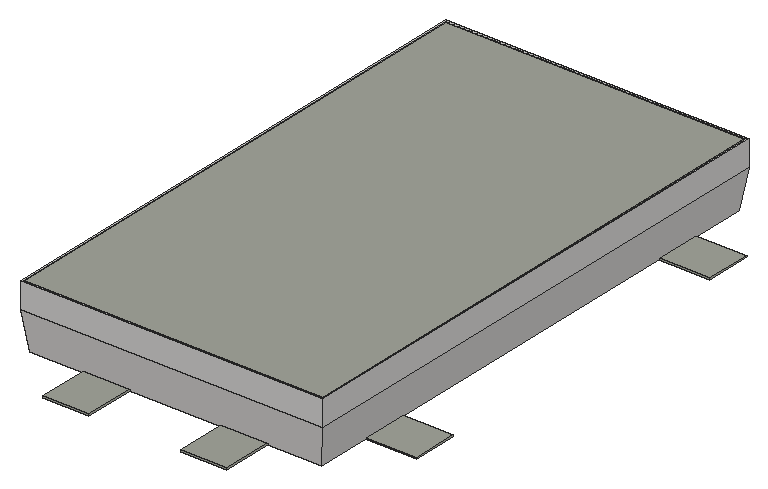
Revit family "ME_ST_WPB_Urbanfil_Tilemate_single_part_Access_Cover_ACO", category Mechanical Equipment, Revit 2023
Family settings
  Round Connector Dimension = Use Diameter
  Part Type = Normal
  OmniClass Number = 23.35.50.27.11.11
  OmniClass Title = Access Floors, Frames
  Work Plane-Based = Yes
  Always vertical = No
  Cut with Voids When Loaded = No
  Maintain Annotation Orientation = No
  Shared = Yes
  Room Calculation Point = No
Parameters (values of type "Tilemate_TM24B_200x450")
  y [instance] = frame_dimesion_D - 110 mm  # 220 mm
  x [instance] = frame_dimesion_C - 110 mm  # 470 mm
  type_index = 1
  solids_visible_2 [instance] = 1 = 1  # yes
  net_mass_S_ANZRS [instance] = if(LOD400, size_lookup(lookuptable_name, "ma", 0.00 kg, type_index, material_index), 0.00 kg)  # 13.00 kg
  material_index = size_lookup(lookuptable_name, "mi", 0, type_index)  # 1
  material_C_ANZRS = Steel, Carbon
  material_02_C_ANZRS = Concrete, Grey
  material_01_C_ANZRS = Steel, Galvanised
  intended_use_C_ANZRS [instance] = if(region_index = 1, "Drainage systems", if(region_index = 2, "Entwässerungssysteme", if(region_index = 3, "Afvoersystemen", "0")))  # "Drainage systems"
  instructions_for_use = "https://www.acoaccess.com.au/products/urbanfil/?id=1#SinglePart"
  installation_manual = "https://www.acoaccess.com.au/products/urbanfil/?id=1#SinglePart"
  info_technical_C_ANZRS = "https://www.acoaccess.com.au/products/urbanfil/?id=1#SinglePart"
  info_commercial_C_ANZRS = "https://www.acoaccess.com.au/products/urbanfil/?id=1#SinglePart"
  height_C_ANZRS [instance] = size_lookup(lookuptable_name, "F", 0 mm, type_index, material_index)  # 70 mm
  height_01_C_ANZRS [instance] = size_lookup(lookuptable_name, "H", 0 mm, type_index, material_index)  # 85 mm
  description_C_ANZRS [instance] = if(LOD400, size_lookup(lookuptable_name, "di", "0", type_index, material_index), "Generic Access Cover")  # "ACO Tilemate Single Part 200x450 Cover (Type TM24B)"
  content_version_C_ANZRS = "1.0"  # constant formula
  content_date_changed_C_ANZRS = "11-07-2025"  # constant formula
  content_creator_C_ANZRS = "ACO Technology Centre, INDIA"  # constant formula
  code_specification_URL_C_ANZRS = "https://www.acoaccess.com.au/products/urbanfil/?id=1#SinglePart"
  code_article_C_ANZRS [instance] = if(LOD400, size_lookup(lookuptable_name, "", "0", type_index, material_index), "Generic Access Cover")  # "80150"
  Universal Lifting key [instance] = yes
  URL = "https://www.acoaccess.com.au/"
  Type IFC Predefined Type = "USERDEFINED"
  frame_dimesion_D [instance] = size_lookup(lookuptable_name, "D", 0 mm, type_index, material_index)  # 330 mm
  frame_dimesion_C [instance] = size_lookup(lookuptable_name, "C", 0 mm, type_index, material_index)  # 580 mm
  product_index [instance] = size_lookup(lookuptable_name, "pi", 0, type_index, material_index)  # 1
  lookuptable_name = "urbanfil_tilemate"  # constant formula
  clear_area_B [instance] = size_lookup(lookuptable_name, "B", 0 mm, type_index, material_index)  # 450 mm
  Type Comments = "-"  # constant formula
  productrange = "Access Covers"  # constant formula
  region_index = 1  # constant formula
  desc_uk [instance] = if(LOD400, size_lookup(lookuptable_name, "di", "0", type_index, material_index), "Generic Access Cover")  # "ACO Tilemate Single Part 200x450 Cover (Type TM24B)"
  Model = if(LOD400, "Urbanfil-Tilemate (shallow pan access covers)", "Generic Cover")  # "Urbanfil-Tilemate (shallow pan access covers)"
  Manufacturer = if(LOD400, "ACO", "Generic")  # "ACO"
  Locking key [instance] = yes
  LOD400 = yes
  LOD300 = not(LOD400)  # no
  LOD = if(LOD400, "LOD 400", "LOD 300")  # "LOD 400"
  IfcDescription = Description  # "ACO Urbanfil-Tilemate (shallow pan access covers)"
  Export Type to IFC As = "IfcBuildingElementProxy "
  Distance between two bars_C [instance] = frame_dimesion_C / 2  # 290 mm
  Distance between two bars_D [instance] = frame_dimesion_D / 2  # 165 mm
  Description = if(LOD400, "ACO Urbanfil-Tilemate (shallow pan access covers)", "Generic Cover")  # "ACO Urbanfil-Tilemate (shallow pan access covers)"
  Default Elevation = 0 mm
  clear_area_A [instance] = size_lookup(lookuptable_name, "A", 0 mm, type_index, material_index)  # 200 mm
  Concrete anchors distance D [instance] = frame_dimesion_D + 100 mm  # 430 mm
  Concrete anchors distance C [instance] = frame_dimesion_C + 100 mm  # 680 mm
  12mm reinforcing bars [instance] = 12 mm  # constant formula
Types (12, lengths in mm): name | y | x | type_index | net_mass_S_ANZRS | description_C_ANZRS | code_article_C_ANZRS | frame_dimesion_D | frame_dimesion_C | product_index | clear_area_B | desc_uk | Distance between two bars_C | Distance between two bars_D | clear_area_A | Concrete anchors distance D | Concrete anchors distance C
  Tilemate_TM24B_200x450 | 220 | 470 | 1 | 13.00 kg | "ACO Tilemate Single Part 200x450 Cover (Type TM24B)" | "80150" | 330 | 580 | 1 | 450 | "ACO Tilemate Single Part 200x450 Cover (Type TM24B)" | 290 | 165 | 200 | 430 | 680
  Tilemate_TM33B_300x300 | 320 | 320 | 2 | 11.90 kg | "ACO Tilemate Single Part 300x300 Cover (Type TM33B)" | "81686" | 430 | 430 | 2 | 300 | "ACO Tilemate Single Part 300x300 Cover (Type TM33B)" | 215 | 215 | 300 | 530 | 530
  Tilemate_TM36B_300x600 | 320 | 620 | 3 | 16.00 kg | "ACO Tilemate Single Part 300x600 Cover (Type TM36B)" | "81225" | 430 | 730 | 3 | 600 | "ACO Tilemate Single Part 300x600 Cover (Type TM36B)" | 365 | 215 | 300 | 530 | 830
  Tilemate_TM365B_350x650 | 370 | 670 | 4 | 16.00 kg | "ACO Tilemate Single Part 350x650 Cover (Type TM365B)" | "80450" | 480 | 780 | 4 | 650 | "ACO Tilemate Single Part 350x650 Cover (Type TM365B)" | 390 | 240 | 350 | 580 | 880
  Tilemate_TM44B_450x450 | 470 | 470 | 5 | 16.80 kg | "ACO Tilemate Single Part 450x450 Cover (Type TM44B)" | "81520" | 580 | 580 | 5 | 450 | "ACO Tilemate Single Part 450x450 Cover (Type TM44B)" | 290 | 290 | 450 | 680 | 680
  Tilemate_TM46B_450x600 | 470 | 620 | 6 | 19.90 kg | "ACO Tilemate Single Part 450x600 Cover (Type TM46B)" | "81547" | 580 | 730 | 6 | 600 | "ACO Tilemate Single Part 450x600 Cover (Type TM46B)" | 365 | 290 | 450 | 680 | 830
  Tilemate_TM66B_600x600 | 620 | 620 | 7 | 23.00 kg | "ACO Tilemate Single Part 600x600 Cover (Type TM66B)" | "81565" | 730 | 730 | 7 | 600 | "ACO Tilemate Single Part 600x600 Cover (Type TM66B)" | 365 | 365 | 600 | 830 | 830
  Tilemate_TM67B_600x750 | 620 | 770 | 8 | 26.70 kg | "ACO Tilemate Single Part 600x750 Cover (Type TM67B)" | "81586" | 730 | 880 | 8 | 750 | "ACO Tilemate Single Part 600x750 Cover (Type TM67B)" | 440 | 365 | 600 | 830 | 980
  Tilemate_TM69B_600x900 | 620 | 920 | 9 | 29.60 kg | "ACO Tilemate Single Part 600x900 Cover (Type TM69B)" | "82018" | 730 | 1030 | 9 | 900 | "ACO Tilemate Single Part 600x900 Cover (Type TM69B)" | 515 | 365 | 600 | 830 | 1130
  Tilemate_TM77B_750x750 | 770 | 770 | 10 | 30.20 kg | "ACO Tilemate Single Part 750x750 Cover (Type TM77B)" | "81601" | 880 | 880 | 10 | 750 | "ACO Tilemate Single Part 750x750 Cover (Type TM77B)" | 440 | 440 | 750 | 980 | 980
  Tilemate_TM94B_900x450 | 920 | 470 | 11 | 25.70 kg | "ACO Tilemate Single Part 900x450 Cover (Type TM94B)" | "81661" | 1030 | 580 | 11 | 450 | "ACO Tilemate Single Part 900x450 Cover (Type TM94B)" | 290 | 515 | 900 | 1130 | 680
  Tilemate_TM99B_900x900 | 920 | 920 | 12 | 37.50 kg | "ACO Tilemate Single Part 900x900 Cover (Type TM99B)" | "81645" | 1030 | 1030 | 12 | 900 | "ACO Tilemate Single Part 900x900 Cover (Type TM99B)" | 515 | 515 | 900 | 1130 | 1130
Reference planes
  plane 1 "Center (Front/Back)": y = 0
  plane 2: z = 0
  plane 3 "Center (Left/Right)": x = 0
  plane 4 "perforated_218": z = 0
  plane 5: z = -5
  plane 6: z = -70
  plane 7: y = 200
  plane 8: y = -200
  plane 9: x = -165
  plane 10: x = 165
  plane 11: y = 290
  plane 12: y = -290
  plane 13: x = -100
  plane 14: x = 100
  plane 15: y = 225
  plane 16: y = -225
  plane 17: x = -215
  plane 18: y = -340
  plane 19: x = 215
  plane 20: y = 340
  plane 21: z = -50
  plane 22: z = -58.797
  plane 23: y = -145
  plane 24: y = 145
Forms (mm)
  Extrusion 1, solid, material "Concrete, Grey" <- "material_02_C_ANZRS"
    sketch origin (-1351.99, -1524, -70) x (-1, 0, 0) y (0, -1, 0)
      loop
        line (-1251.99, -1258) -> (-1251.99, -1184) -> (-1301.99, -1184) -> (-1301.99, -1258) -> (-1251.99, -1258)
      loop
        line (-1451.99, -1184) -> (-1451.99, -1258) -> (-1401.99, -1258) -> (-1401.99, -1184) -> (-1451.99, -1184)
      loop
        line (-1251.99, -1864) -> (-1251.99, -1790) -> (-1301.99, -1790) -> (-1301.99, -1864) -> (-1251.99, -1864)
      loop
        line (-1451.99, -1864) -> (-1401.99, -1864) -> (-1401.99, -1790) -> (-1451.99, -1790) -> (-1451.99, -1864)
      loop
        line (-1136.99, -1749) -> (-1136.99, -1699) -> (-1214.99, -1699) -> (-1214.99, -1749) -> (-1136.99, -1749)
      loop
        line (-1136.99, -1349) -> (-1136.99, -1299) -> (-1214.99, -1299) -> (-1214.99, -1349) -> (-1136.99, -1349)
      loop
        line (-1566.99, -1349) -> (-1488.99, -1349) -> (-1488.99, -1299) -> (-1566.99, -1299) -> (-1566.99, -1349)
      loop
        line (-1566.99, -1749) -> (-1488.99, -1749) -> (-1488.99, -1699) -> (-1566.99, -1699) -> (-1566.99, -1749)
    from 0.466 to 2
  Extrusion 2, solid, material "Steel, Carbon" <- "material_C_ANZRS"
    sketch origin (0, 0, 0) x (1, 0, 0) y (0, 0, 1)
      loop
        circle (-82.5, -50) r 6
      loop
        circle (82.5, -50) r 6
    from -266 to 266
  Extrusion 3, solid, material "Steel, Carbon" <- "material_C_ANZRS"
    sketch origin (100, -1524, 2214.315) x (0, 0, 1) y (0, -1, 0)
      loop
        circle (-2273.112, -1379) r 6
      loop
        circle (-2273.112, -1669) r 6
    from 37 to -237
Dimensions and locks
  locked: level to plane 5 at 5
  "height_C_ANZRS": level to plane 6
  "height_01_C_ANZRS": level to nested 1
  equal spacing: plane 9, plane 3 "Center (Left/Right)", plane 10
  "frame_dimesion_D": plane 9 to plane 10
  equal spacing: plane 12, plane 1 "Center (Front/Back)", plane 11
  "frame_dimesion_C": plane 12 to plane 11
  equal spacing: plane 14, plane 3 "Center (Left/Right)", plane 13
  "clear_area_A": plane 14 to plane 13
  equal spacing: plane 15, plane 1 "Center (Front/Back)", plane 16
  "clear_area_B": plane 15 to plane 16
  locked: Extrusion 1 sketch curve to Extrusion 1 sketch curve at 50
  locked: plane 13 to Extrusion 1 sketch curve at 50  (x2)
  locked: Extrusion 1 sketch curve to plane 14 at 50  (x2)
  locked: Extrusion 1 sketch curve to plane 15 at 50
  locked: Extrusion 1 sketch curve to plane 16 at 50
  locked: plane 16 to Extrusion 1 sketch curve at 50
  equal spacing: plane 17, plane 3 "Center (Left/Right)", plane 19
  "Concrete anchors distance D": plane 17 to plane 19
  equal spacing: plane 20, plane 1 "Center (Front/Back)", plane 18
  "Concrete anchors distance C": plane 20 to plane 18
  locked: level to plane 21 at 50
  equal spacing: Extrusion 2 sketch curve, nested 2, Extrusion 2 sketch curve
  "Distance between two bars_D": Extrusion 2 sketch curve to Extrusion 2 sketch curve
  equal spacing: plane 23, plane 1 "Center (Front/Back)", plane 24
  "Distance between two bars_C": plane 23 to plane 24
  plane 23 to plane 1 "Center (Front/Back)" = 145 mm
  "12mm reinforcing bars": diameter of Extrusion 2 sketch curve  (x2)
  "12mm reinforcing bars": diameter of Extrusion 3 sketch curve  (x2)
  aligned and locked: level to plane 2
  aligned and locked: nested 1 to plane 1 "Center (Front/Back)"
  aligned and locked: plane 3 "Center (Left/Right)" to nested 2
  aligned and locked: plane 1 "Center (Front/Back)" to nested 2
  aligned and locked: Extrusion 1 sketch curve to nested 2  (x7)
  aligned and locked: plane 18 to Extrusion 1 sketch curve  (x2)
  aligned and locked: Extrusion 1 sketch curve to plane 14
  aligned and locked: plane 13 to Extrusion 1 sketch curve
  aligned and locked: Extrusion 1 sketch curve to Extrusion 1 sketch curve
  aligned and locked: plane 15 to Extrusion 1 sketch curve
  aligned and locked: nested 2 to Extrusion 1 sketch curve  (x4)
  aligned and locked: Extrusion 1 sketch curve to plane 15
  aligned and locked: plane 17 to Extrusion 1 sketch curve  (x2)
  aligned and locked: plane 19 to Extrusion 1 sketch curve  (x2)
  aligned and locked: Extrusion 1 sketch curve to plane 20
  aligned and locked: Extrusion 1 to nested 2
  aligned and locked: plane 21 to Extrusion 2 sketch curve  (x2)
  aligned and locked: plane 22 to Extrusion 3 sketch curve  (x2)
  aligned and locked: plane 23 to Extrusion 3 sketch curve
  aligned and locked: plane 24 to Extrusion 3 sketch curve
  aligned and locked: Extrusion 1 to Extrusion 3
  aligned and locked: Extrusion 3 to Extrusion 1
  aligned and locked: Extrusion 2 to Extrusion 1  (x2)
Automatic sketch dimensions
  Extrusion 1 sketch curve to plane 14 = 0 mm
Nested families
  nested 1: "ZZZ_do_not_use_ME_ST_WPB_frame_Tilemate_single_part_ACO" at (0, 0, -1) x (-1, 0, 0) z (0, 0, 1), solids_visible_2 <- "solids_visible_2", Width-BP-P1 <- "frame_dimesion_D", Length-BP-P1 <- "frame_dimesion_C", type_index <- "type_index", visible <- "solids_visible_2", material_01_C_ANZRS <- "material_01_C_ANZRS", type "std(nested)"
    with type_index 1, solids_visible_2 yes, material_01_C_ANZRS Steel, Galvanised, Width-BP-P1 330 mm, Length-BP-P1 580 mm, Height-BP-P1 84 mm
  nested 2: "ZZZ_do_not_use_ME_ST_WPB_Tilemate_single_part_ACO" at (0, 0, 0), A <- "clear_area_A", D <- "frame_dimesion_D", B <- "clear_area_B", C <- "frame_dimesion_C", height_C_ANZRS <- "height_C_ANZRS", material_01_C_ANZRS <- "material_01_C_ANZRS", material_02_C_ANZRS <- "material_02_C_ANZRS", type "std(nested)"
    with material_index 1, material_02_C_ANZRS Concrete, Grey, material_01_C_ANZRS Steel, Galvanised, height_C_ANZRS 70 mm, D 330 mm, C 580 mm, B 450 mm, A 200 mm
  nested 3: "Urbanfil_Pavermate_locking_key_ACO" at (-0.5, -5, -37.5), visible <- "Locking key", locking key <- "Locking key", type "Urbanfil_Pavermate_locking_key_ACO"
    with locking key yes, description_C_ANZRS "ACO allen locking key", content_date_changed_C_ANZRS "11-07-2025", content_creator_C_ANZRS "ACO Technology Centre, INDIA", code_article_C_ANZRS "84313", Product range "Acccess covers"
  nested 4: "Universal_lifting_key_ACO" at (-0.5, -10, -35), visible <- "Universal Lifting key", universal lifting key <- "Universal Lifting key", type "Universal_lifting_key_ACO"
    with universal lifting key yes, description_C_ANZRS "ACO Universal lifting key", content_date_changed_C_ANZRS "11-07-2025", content_creator_C_ANZRS "ACO Technology Centre, INDIA", code_article_C_ANZRS "84306", Product range "Acccess covers"
Definition of nested family "ZZZ_do_not_use_ME_ST_WPB_frame_Tilemate_single_part_ACO"
  Parameters (values of type "std(nested)")
    type_index [instance] = 2
    ref2 = 55 mm
    ref1 = 2 mm
    ref = 65 mm
    material_01_C_ANZRS [instance] = none
    Width-BP-P1 [instance] = 800 mm
    solids_visible_2 [instance] = yes
    Length-BP-P1 [instance] = 500 mm
    Height-BP-P1 [instance] = 84 mm  # constant formula
    Default Elevation = 1219.2 mm
  Reference planes
    plane 1 "Center (Front/Back)": y = 0
    plane 2: z = 0
    plane 3 "Center (Left/Right)": x = 0
    plane 4: y = 250
    plane 5: y = -250
    plane 6: x = -400
    plane 7: x = 400
    plane 8: z = -65
    plane 9: z = -84
  Forms (mm)
    Sweep 1, solid, material <- "material_01_C_ANZRS", visible <- "solids_visible_2"
      path origin (0, 0, 0) x (1, 0, 0) y (0, 1, 0)
        loop
          line (-400, 250) -> (-400, -250) -> (400, -250) -> (400, 250) -> (-400, 250)
      profile origin (0, 250, 0) x (0, 1, 0) y (0, 0, 1)
        loop
          line (-55, -65) -> (-68, -65) -> (-75.356, -82.5) -> (-121.395, -82.5) -> (-121.395, -84) -> (-74.36, -84) -> (-67.214, -67) -> (-55, -67) -> (-55, -65)
    Extrusion 2, solid, material <- "material_01_C_ANZRS", visible <- "solids_visible_2"
      sketch origin (0, 0, 0) x (1, 0, 0) y (0, 1, 0)
        loop
          line (-278.605, 128.605) -> (-278.605, -128.605) -> (278.605, -128.605) -> (278.605, 128.605) -> (-278.605, 128.605)
      from -84 to -82.5
  Cuts and joins
    joined: Sweep 1, Extrusion 2
  Dimensions and locks
    equal spacing: plane 6, plane 3 "Center (Left/Right)", plane 7
    "Width-BP-P1": plane 6 to plane 7
    equal spacing: plane 4, plane 1 "Center (Front/Back)", plane 5
    "Length-BP-P1": plane 4 to plane 5
    "ref": level to plane 8
    "Height-BP-P1": plane 2 to plane 9
    locked: Sweep 1 sketch curve to plane 9 at 1.5
    "ref2": profile plane to Sweep 1 sketch curve
    locked: plane 4 to Sweep 1 sketch curve at 68
    locked: Sweep 1 sketch curve to Sweep 1 sketch curve at 1.5
    "ref1": Sweep 1 sketch curve to Sweep 1 sketch curve
    locked: Sweep 1 sketch curve to Sweep 1 sketch curve (angle 67.20°)
    locked: Sweep 1 sketch curve to Sweep 1 sketch curve (angle 90.00°)
    aligned and locked: level to plane 2
    aligned and locked: Sweep 1 sketch curve to plane 4
    aligned and locked: plane 6 to Sweep 1 sketch curve
    aligned and locked: plane 5 to Sweep 1 sketch curve
    aligned and locked: Sweep 1 sketch curve to plane 7
    aligned and locked: plane 9 to Sweep 1 sketch curve
    aligned and locked: Sweep 1 sketch curve to plane 8
    aligned and locked: Extrusion 2 sketch curve to Sweep 1  (x4)
    aligned and locked: Sweep 1 to Extrusion 2  (x2)
  Automatic sketch dimensions
    Sweep 1 sketch curve to Sweep 1 sketch curve = 46.038 mm
Definition of nested family "ZZZ_do_not_use_ME_ST_WPB_Tilemate_single_part_ACO"
  Parameters (values of type "std(nested)")
    material_index [instance] = 1  # constant formula
    material_02_C_ANZRS [instance] = none
    material_01_C_ANZRS [instance] = none
    height_C_ANZRS [instance] = 82.5 mm
    D [instance] = 1110 mm
    C [instance] = 1110 mm
    B [instance] = 1000 mm
    Type Comments = "-"  # constant formula
    productrange = "Access Covers"  # constant formula
    region_index = 1  # constant formula
    Model = if(LOD400, "Access Covers SOLID GS", "Generic Covers")  # "Access Covers SOLID GS"
    Manufacturer = if(LOD400, "ACO", "Generic")  # "ACO"
    LOD400 = yes
    LOD300 = not(LOD400)  # no
    LOD = if(LOD400, "LOD 400", "LOD 300")  # "LOD 400"
    IfcExportType = "USERDEFINED"  # constant formula
    IfcExportAs = "IfcWasteTerminalType"  # constant formula
    IfcDescription = Description  # "ACO Access Cover SOLID GS"
    Description = if(LOD400, "ACO Access Cover SOLID GS", "Generic Cover")  # "ACO Access Cover SOLID GS"
    Default Elevation = 0 mm
    A [instance] = 1000 mm
  Reference planes
    plane 1 "Center (Front/Back)": y = 0
    plane 2: z = 0
    plane 3 "Center (Left/Right)": x = 0
    plane 4 "perforated_218": z = 0
    plane 5: z = -5
    plane 6: z = -82.5
    plane 7: x = -555
    plane 8: x = 555
    plane 9: y = 555
    plane 10: y = -555
    plane 11: y = -150
    plane 12: y = 150
    plane 13: y = 500
    plane 14: z = -70
    plane 15: x = 500
    plane 16: x = -500
    plane 17: y = 500
    plane 18: y = -500
    plane 19: x = -527
    plane 20: x = 527
    plane 21: y = -531
    plane 22: y = 531
    plane 23: x = -552.961
  Forms (mm)
    Sweep 1, solid, material <- "material_01_C_ANZRS"
      path origin (0, 0, 0) x (1, 0, 0) y (0, 1, 0)
        loop
          line (-555, 555) -> (-555, -555) -> (555, -555) -> (555, 555) -> (-555, 555)
      profile origin (0, 555, 0) x (0, 1, 0) y (0, 0, 1)
        loop
          line (-0.039, -40.777) -> (-0.039, 0) -> (-2.039, 0) -> (-2.039, -40.637) -> (-7.641, -80.5) -> (-50.188, -80.5) -> (-55, -80.5) -> (-55, -82.5) -> (-47.738, -82.5) -> (-31.451, -82.5) -> (-5.903, -82.5) -> (-0.039, -40.777)
    Extrusion 2, solid, material <- "material_02_C_ANZRS"
      sketch origin (0, 0, 0) x (1, 0, 0) y (0, 1, 0)
        loop
          line (-552.961, 552.961) -> (-552.961, -552.961) -> (552.961, -552.961) -> (552.961, 552.961) -> (-552.961, 552.961)
      from -5 to 0
  Lines and regions (mm)
    model lines
      curve 1: line (-552.961, 552.961, 0) -> (-500, 552.961, 0)
      curve 2: line (-552.961, 500, 0) -> (-552.961, 552.961, 0)
      curve 3: line (-500, 500, 0) -> (-552.961, 500, 0)
      curve 4: line (-500, 552.961, 0) -> (-500, 500, 0)
      curve 5: circle (-527, 531, 0) r 12 normal (0, 0, 1)
      curve 6: line (500, 552.961, 0) -> (552.961, 552.961, 0)
      curve 7: line (500, 500, 0) -> (500, 552.961, 0)
      curve 8: line (552.961, 500, 0) -> (500, 500, 0)
      curve 9: line (552.961, 552.961, 0) -> (552.961, 500, 0)
      curve 10: circle (527, 531, 0) r 12 normal (0, 0, 1)
      curve 11: line (-552.961, -500, 0) -> (-500, -500, 0)
      curve 12: line (-552.961, -552.961, 0) -> (-552.961, -500, 0)
      curve 13: line (-500, -552.961, 0) -> (-552.961, -552.961, 0)
      curve 14: line (-500, -500, 0) -> (-500, -552.961, 0)
      curve 15: circle (-527, -531, 0) r 12 normal (0, 0, 1)
      curve 16: line (500, -500, 0) -> (552.961, -500, 0)
      curve 17: line (500, -552.961, 0) -> (500, -500, 0)
      curve 18: line (552.961, -552.961, 0) -> (500, -552.961, 0)
      curve 19: line (552.961, -500, 0) -> (552.961, -552.961, 0)
      curve 20: circle (527, -531, 0) r 12 normal (0, 0, 1)
  Dimensions and locks
    locked: level to plane 5 at 5
    "height_C_ANZRS": level to plane 6
    equal spacing: plane 7, plane 3 "Center (Left/Right)", plane 8
    equal spacing: plane 10, plane 1 "Center (Front/Back)", plane 9
    "C": plane 10 to plane 9
    "D": plane 7 to plane 8
    locked: Sweep 1 sketch curve to Sweep 1 sketch curve at 2
    locked: plane 9 to plane 13 at 55
    equal spacing: plane 16, plane 3 "Center (Left/Right)", plane 15
    "A": plane 16 to plane 15
    equal spacing: plane 18, plane 1 "Center (Front/Back)", plane 17
    "B": plane 18 to plane 17
    locked: profile plane to plane 6 at 82.5
    locked: Sweep 1 to plane 9 at 2.039
    locked: plane 10 to Sweep 1 at 2.039  (x2)
    locked: Extrusion 2 sketch curve to plane 8 at 2.039
    locked: plane 7 to plane 19 at 28
    locked: plane 20 to plane 8 at 28
    locked: plane 10 to plane 21 at 24
    locked: plane 22 to plane 9 at 24
    locked: plane 7 to plane 23 at 2.039
    locked: Sweep 1 sketch curve to plane 6 at 2
    locked: Sweep 1 sketch curve to Sweep 1 sketch curve at 2.005
    Sweep 1 sketch curve to Sweep 1 sketch curve = 2.005 mm
    locked: Sweep 1 sketch curve to Sweep 1 sketch curve at 2.65
    aligned and locked: level to plane 2
    aligned and locked: plane 9 to Sweep 1 sketch curve
    aligned and locked: plane 7 to Sweep 1 sketch curve
    aligned and locked: Sweep 1 sketch curve to plane 10
    aligned and locked: Sweep 1 sketch curve to plane 8
    aligned and locked: Extrusion 2 to plane 5
    aligned and locked: level to Extrusion 2
    aligned and locked: Sweep 1 sketch curve to profile plane
    aligned and locked: curve 1 to Sweep 1
    aligned and locked: Sweep 1 to curve 2
    aligned and locked: curve 3 to plane 17
    aligned and locked: curve 4 to plane 16
    aligned and locked: plane 19 to curve 5
    aligned and locked: plane 22 to curve 5
    aligned and locked: Sweep 1 to curve 6
    aligned and locked: plane 15 to curve 7
    aligned and locked: curve 8 to plane 17
    aligned and locked: plane 20 to curve 10
    aligned and locked: plane 22 to curve 10
    aligned and locked: plane 18 to curve 11
    aligned and locked: Sweep 1 to curve 13
    aligned and locked: curve 14 to plane 16
    aligned and locked: plane 19 to curve 15
    aligned and locked: plane 21 to curve 15
    aligned and locked: plane 18 to curve 16
    aligned and locked: plane 15 to curve 17
    aligned and locked: Sweep 1 to curve 18
    aligned and locked: plane 20 to curve 20
    aligned and locked: plane 21 to curve 20
    aligned and locked: Sweep 1 to Extrusion 2 sketch curve
    aligned and locked: Extrusion 2 sketch curve to Sweep 1  (x2)
    aligned and locked: Sweep 1 sketch curve to plane 13
    aligned and locked: Sweep 1 sketch curve to plane 6
    aligned and locked: curve 19 to Extrusion 2
  Automatic sketch dimensions
    plane 7 to curve 13 = 2.039 mm
    plane 13 to Sweep 1 sketch curve = 4.812 mm
    Sweep 1 sketch curve to Sweep 1 sketch curve = 2.451 mm
    Sweep 1 sketch curve to Sweep 1 sketch curve = 16.286 mm
    profile plane to Sweep 1 sketch curve = 7.641 mm
    profile plane to Sweep 1 sketch curve = 2.039 mm
    Sweep 1 sketch curve to Sweep 1 sketch curve = 39.863 mm
    curve 9 to plane 8 = 2.039 mm
    radius of curve 5 = 12 mm
    radius of curve 10 = 12 mm
    radius of curve 15 = 12 mm
    radius of curve 20 = 12 mm
Definition of nested family "Urbanfil_Pavermate_locking_key_ACO"
  Parameters (values of type "Urbanfil_Pavermate_locking_key_ACO")
    locking key [instance] = yes
    description_C_ANZRS [instance] = "ACO allen locking key"  # constant formula
    content_date_changed_C_ANZRS [instance] = "11-07-2025"  # constant formula
    content_creator_C_ANZRS [instance] = "ACO Technology Centre, INDIA"  # constant formula
    code_article_C_ANZRS [instance] = "84313"  # constant formula
    URL = "https://www.acoaccess.com.au/"
    Product range [instance] = "Acccess covers"  # constant formula
    Model = "allen locking key"  # constant formula
    Manufacturer = "ACO"  # constant formula
    Description = "allen locking key"  # constant formula
    Default Elevation = 0 mm
  Reference planes
    plane 1 "Center (Front/Back)": y = 0
    plane 2: z = 0
    plane 3 "Center (Left/Right)": x = 0
  Lines and regions (mm)
    model lines, visible <- "locking key"
      curve 1: line (-18.296, 15, 0) -> (20.006, -17.139, 0)
      curve 2: line (-21.257, -16.749, 0) -> (17.6, 14.717, 0)
  Dimensions and locks
    locked: curve 2 to curve 2 at 50
    locked: curve 1 to curve 1 at 50
    aligned and locked: level to plane 2
Definition of nested family "Universal_lifting_key_ACO"
  Parameters (values of type "Universal_lifting_key_ACO")
    universal lifting key [instance] = yes
    description_C_ANZRS [instance] = "ACO Universal lifting key"  # constant formula
    content_date_changed_C_ANZRS [instance] = "11-07-2025"  # constant formula
    content_creator_C_ANZRS [instance] = "ACO Technology Centre, INDIA"  # constant formula
    code_article_C_ANZRS [instance] = "84306"  # constant formula
    URL = "https://www.acoaccess.com.au/"
    Product range [instance] = "Acccess covers"  # constant formula
    Model = "Universal lifting key"  # constant formula
    Manufacturer = "ACO"  # constant formula
    Description = "Universal lifting key"  # constant formula
    Default Elevation = 0 mm
  Reference planes
    plane 1 "Center (Front/Back)": y = 0
    plane 2: z = 0
    plane 3 "Center (Left/Right)": x = 0
  Lines and regions (mm)
    model lines, visible <- "universal lifting key"
      curve 1: line (-18.296, 15, 0) -> (20.006, -17.139, 0)
      curve 2: line (-21.257, -16.749, 0) -> (17.6, 14.717, 0)
  Dimensions and locks
    locked: curve 2 to curve 2 at 50
    locked: curve 1 to curve 1 at 50
    aligned and locked: level to plane 2
